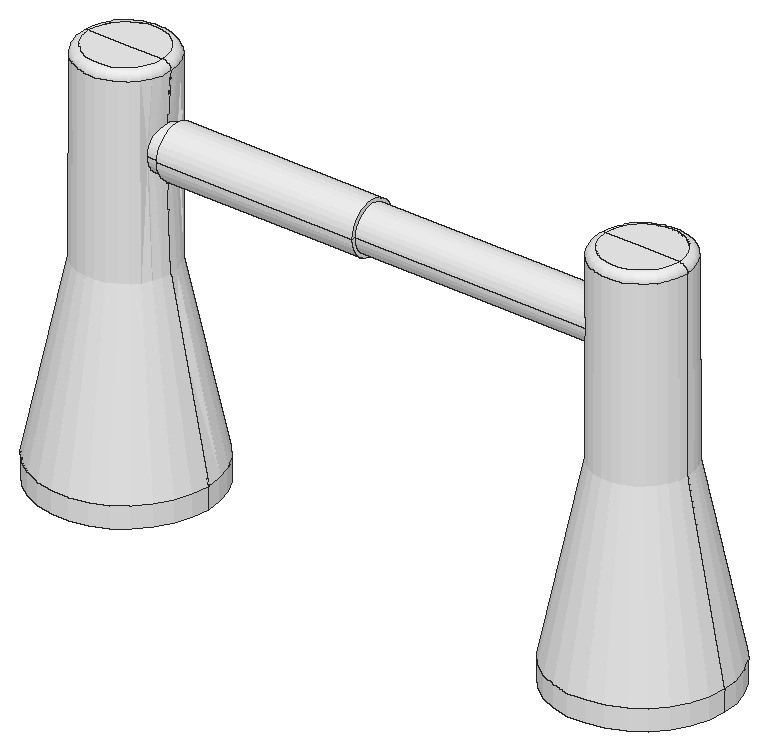
Revit family "Toilet_Tissue_Holder-Wall_Mounted-American_Standard-C_Series-8337.230", category Specialty Equipment, host Face, Revit 2014
Parameters (values of type "8337.230")
  Width = 8 1/4"
  Warranty Information = "1 Year Warranty"
  URL = "http://www.americanstandard-us.com"
  Type Comments = "Available Finishes Include Chrome Polished, Oil Rubbed Bronze & Satin Nickel."
  Revised Date = "02/08/2016"
  Product Page URL = "https://www.americanstandard-us.com/bathroom/bathroom-accessories/c-series-toilet-paper-holder-22920"
  Product Documentation Link = "https://www.americanstandard-us.com/-/media/sites/asus/files/product-specs/bulk/specsheet8337230.pdf?la=en"
  Model = "8337.230"
  Material = "Metal-American Standard-002-Polished Chrome"
  Manufacturer = "American Standard"
  Length = 4 11/16"
  Installation Type = "Wall Mounted"
  Height = 2"
  Description = "C Series Toilet Paper Holder."
  Default Elevation = 20"
  Creation Date = "04/04/2014"
  Assembly Code = "C1030220"
Reference planes (in)
  plane 1 "Center (Front/Back)": y = 0
  plane 2: z = 0
  plane 3 "Center (Left/Right)": x = 0
  plane 4 "Floor Level": y = -20
  plane 5: x = -3.125
  plane 6: x = 3.125
  plane 7: z = 4.6875
  plane 8: z = 3.75
  plane 9: y = -1
  plane 10: y = 1
  plane 11: x = -4.125
  plane 12: x = 4.125
  plane 13: x = -2.125
  plane 14: x = 2.125
Forms (in)
  Revolve 1, solid, material "Metal-American Standard-002-Polished Chrome"
    sketch origin (-3.125, 0, 0) x (0, 0, -1) y (-1, 0, 0)
      loop
        line (0, 1) -> (-0.25, 1)
        arc (-0.25, 1) -> (-2.39656, 0.54741) -> (-4.59031, 0.54381) r 10.65982
        arc (-4.59031, 0.54381) -> (-4.65904, 0.51535) -> (-4.6875, 0.44663) r 0.09719
        line (-4.6875, 0.44663) -> (-4.6875, 0) -> (0, 0) -> (0, 1)
      axis (0, 0) -> (-4.6875, 0)
    angle from 0 to 360
  Revolve 2, solid, material "Metal-American Standard-002-Polished Chrome"
    sketch origin (0, 0, 3.75) x (1, 0, 0) y (0, 1, 0)
      loop
        line (-3.125, 0) -> (3.125, 0) -> (3.125, 0.26358) -> (-0.14718, 0.26358) -> (-0.14718, 0.30285) -> (-2.51175, 0.30285) -> (-2.51175, 0.26358) -> (-2.6492, 0.26358) -> (-2.6492, 0.21875) -> (-3.125, 0.21875) -> (-3.125, 0)
      axis (-3.125, 0) -> (3.125, 0)
    angle from 0 to 360
  Revolve 3, solid, material "Metal-American Standard-002-Polished Chrome"
    sketch origin (3.125, 0, 0) x (0, 0, -1) y (-1, 0, 0)
      loop
        line (0, -1) -> (0, 0) -> (-4.6875, 0) -> (-4.6875, -0.44663)
        arc (-4.6875, -0.44663) -> (-4.65904, -0.51535) -> (-4.59031, -0.54381) r 0.09719
        arc (-4.59031, -0.54381) -> (-2.39656, -0.54741) -> (-0.25, -1) r 10.65982
        line (-0.25, -1) -> (0, -1)
      axis (0, 0) -> (-4.6875, 0)
    angle from 0 to 360
Cuts and joins
  joined: Revolve 1, Revolve 2, Revolve 3
Lines and regions (in)
  Masking region 1
    outline origin (0, 0, 0) x (1, 0, 0) y (0, 0, 1)
      loop
        arc (4.125, 0.25) -> (3.67309, 2.39663) -> (3.66881, 4.59031) r 10.69132
        arc (3.66881, 4.59031) -> (3.64035, 4.65904) -> (3.57163, 4.6875) r 0.09719
        line (3.57163, 4.6875) -> (2.67837, 4.6875)
        arc (2.67837, 4.6875) -> (2.60965, 4.65904) -> (2.58119, 4.59031) r 0.09719
        arc (2.58119, 4.59031) -> (2.6064, 4.30227) -> (2.62381, 4.01365) r 10.69132
        line (2.62381, 4.01365) -> (-0.14734, 4.01365) -> (-0.14734, 4.05301) -> (-2.51175, 4.05301) -> (-2.51175, 4.01408) -> (-2.62379, 4.01408)
        arc (-2.62379, 4.01408) -> (-2.60638, 4.30248) -> (-2.58119, 4.59031) r 10.69132
        arc (-2.58119, 4.59031) -> (-2.60965, 4.65904) -> (-2.67837, 4.6875) r 0.09719
        line (-2.67837, 4.6875) -> (-3.57163, 4.6875)
        arc (-3.57163, 4.6875) -> (-3.64035, 4.65904) -> (-3.66881, 4.59031) r 0.09719
        arc (-3.66881, 4.59031) -> (-3.67309, 2.39663) -> (-4.125, 0.25) r 10.69132
        line (-4.125, 0.25) -> (-4.125, 0) -> (-2.125, 0) -> (-2.125, 0.25)
        arc (-2.125, 0.25) -> (-2.5049, 1.8483) -> (-2.63545, 3.48592) r 10.69132
        line (-2.63545, 3.48592) -> (-2.51175, 3.48592) -> (-2.51175, 3.44699) -> (-0.14734, 3.44699) -> (-0.14734, 3.48635) -> (2.63545, 3.48635)
        arc (2.63545, 3.48635) -> (2.50493, 1.8485) -> (2.125, 0.25) r 10.69132
        line (2.125, 0.25) -> (2.125, 0) -> (4.125, 0) -> (4.125, 0.25)
  symbolic lines, style "SpecialityEquipment", detail levels fine
    curve 1: line (2.125, 0, 0.25) -> (4.125, 0, 0.25)
    curve 2: line (2.58119, 0, 4.59031) -> (3.66881, 0, 4.59031)
    curve 3: line (-2.58119, 0, 4.59031) -> (-3.66881, 0, 4.59031)
    curve 4: line (-2.125, 0, 0.25) -> (-4.125, 0, 0.25)
    curve 6: line (-0.14734, 0, 3.48635) -> (-0.14734, 0, 4.01365)
    curve 7: line (-2.51175, 0, 3.48592) -> (-2.51175, 0, 4.01408)
  symbolic lines, style "SpecialityEquipment", detail levels medium+fine
    curve 5: arc (2.63545, 0, 3.48635) -> (2.63291, 0, 3.74888) -> (2.62392, 0, 4.01127) r 10.69132
    curve 8: arc (-2.63545, 0, 3.48592) -> (-2.63288, 0, 3.75007) -> (-2.62379, 0, 4.01408) r 10.69132
Dimensions and locks (in)
  "Default Elevation": plane 4 "Floor Level" to plane 1 "Center (Front/Back)"
  plane 5 to plane 6 = 6 1/4"
  plane 2 to plane 8 = 3 3/4"
  locked: host face to plane 7 at 4.6875
  locked: plane 10 to plane 9 at 2
  locked: plane 11 to plane 12 at 8.25
  aligned and locked: plane 2 to host face
  aligned and locked: level to host face
Automatic sketch dimensions
  host sketch curve to host sketch curve = 96"  (x2)
  Revolve 1 sketch curve to plane 5 = 0"  (x2)
  Revolve 1 sketch curve to plane 7 = 0"
  Revolve 1 sketch curve to plane 11 = 0"
  Revolve 1 sketch curve to level = 0"
  Revolve 1 sketch curve to Revolve 1 sketch curve = 0.09719"
  plane 8 to Revolve 1 sketch curve = 0.23918"
  plane 8 to Revolve 1 sketch curve = 1.09409"
  Revolve 1 sketch curve to Revolve 1 sketch curve = 1/4"
  level to Revolve 1 sketch curve = 1/4"
  Revolve 1 sketch curve to Revolve 1 sketch curve = 0.44663"
  plane 1 "Center (Front/Back)" to Revolve 2 sketch curve = 0"  (x2)
  Revolve 2 sketch curve to plane 5 = 0"
  Revolve 2 sketch curve to plane 6 = 0"
  plane 5 to Revolve 2 sketch curve = 0.4758"
  Revolve 2 sketch curve to Revolve 2 sketch curve = 0.13745"
  plane 13 to Revolve 2 sketch curve = 0.03164"
  Revolve 2 sketch curve to plane 13 = 0.42255"
  Revolve 2 sketch curve to plane 3 "Center (Left/Right)" = 0.14718"
  Revolve 2 sketch curve to plane 1 "Center (Front/Back)" = 7/32"
  Revolve 2 sketch curve to Revolve 2 sketch curve = 0.04483"
  Revolve 2 sketch curve to plane 1 "Center (Front/Back)" = 0.26358"
  Revolve 2 sketch curve to Revolve 2 sketch curve = 0.03927"
  plane 6 to Revolve 3 sketch curve = 0"  (x2)
  Revolve 3 sketch curve to plane 7 = 0"
  plane 12 to Revolve 3 sketch curve = 0"
  Revolve 3 sketch curve to level = 0"
  Revolve 3 sketch curve to Revolve 3 sketch curve = 0.09719"
  plane 8 to Revolve 3 sketch curve = 0.23918"
  plane 8 to Revolve 3 sketch curve = 1.09409"
  Revolve 3 sketch curve to Revolve 3 sketch curve = 1/4"
  level to Revolve 3 sketch curve = 1/4"
  Revolve 3 sketch curve to plane 12 = 10.14883"
  plane 7 to curve 2 = 0.09719"
  plane 3 "Center (Left/Right)" to curve 2 = 2.58119"
  Masking region 1 sketch curve to Masking region 1 sketch curve = 0"  (x4)
  Masking region 1 sketch curve to plane 11 = 0"
  Masking region 1 sketch curve to plane 7 = 0"  (x2)
  Masking region 1 sketch curve to level = 0"  (x2)
  plane 13 to Masking region 1 sketch curve = 0"
  Masking region 1 sketch curve to plane 14 = 0"
  plane 12 to Masking region 1 sketch curve = 0"
  plane 8 to Masking region 1 sketch curve = 0.23582"  (x4)
  Masking region 1 sketch curve to plane 11 = 3.93084"
  Masking region 1 sketch curve to Masking region 1 sketch curve = 6 1/4"  (x2)
  plane 7 to Masking region 1 sketch curve = 0.09719"  (x3)
  Masking region 1 sketch curve to plane 3 "Center (Left/Right)" = 3.66881"
  plane 5 to Masking region 1 sketch curve = 0.44663"
  plane 8 to Masking region 1 sketch curve = 0.26408"
  Masking region 1 sketch curve to Masking region 1 sketch curve = 0.04293"
  Masking region 1 sketch curve to plane 8 = 0.26408"
  plane 13 to Masking region 1 sketch curve = 0.49879"
  Masking region 1 sketch curve to Masking region 1 sketch curve = 0.09719"
  Masking region 1 sketch curve to Masking region 1 sketch curve = 0.1237"
  Masking region 1 sketch curve to Masking region 1 sketch curve = 0.11204"
  Masking region 1 sketch curve to plane 3 "Center (Left/Right)" = 0.14734"  (x2)
  plane 14 to Masking region 1 sketch curve = 0.45619"
  Masking region 1 sketch curve to plane 8 = 0.26365"
  plane 8 to Masking region 1 sketch curve = 0.26365"
  Masking region 1 sketch curve to Masking region 1 sketch curve = 0.01164"
  Masking region 1 sketch curve to Masking region 1 sketch curve = 0.89326"
  Masking region 1 sketch curve to Masking region 1 sketch curve = 0.03936"
  Masking region 1 sketch curve to Masking region 1 sketch curve = 0.03893"
  curve 4 to plane 11 = 0"
  plane 13 to curve 4 = 0"
  curve 1 to plane 14 = 0"
  plane 12 to curve 1 = 0"
  plane 8 to curve 5 = 0.23582"
  curve 5 to plane 11 = 3.93084"
  plane 7 to curve 3 = 0.09719"
  plane 11 to curve 3 = 0.45619"
  plane 5 to curve 8 = 0.48955"
  curve 8 to plane 8 = 0.26408"
  curve 8 to curve 8 = 0.01166"
  plane 13 to curve 3 = 0.45619"
  curve 8 to curve 7 = 0.11204"
  curve 6 to plane 3 "Center (Left/Right)" = 0.14734"
  plane 14 to curve 5 = 0.49892"
  plane 8 to curve 5 = 0.26365"
  curve 5 to curve 5 = 0.01153"
  plane 12 to curve 2 = 0.45619"
  plane 8 to curve 8 = 0.23582"
  curve 8 to plane 12 = 3.93084"
  curve 7 to curve 8 = 0"  (x2)
  level to curve 1 = 1/4"
  level to curve 4 = 1/4"
  plane 8 to curve 6 = 0.26365"
  curve 6 to plane 8 = 0.26365"
